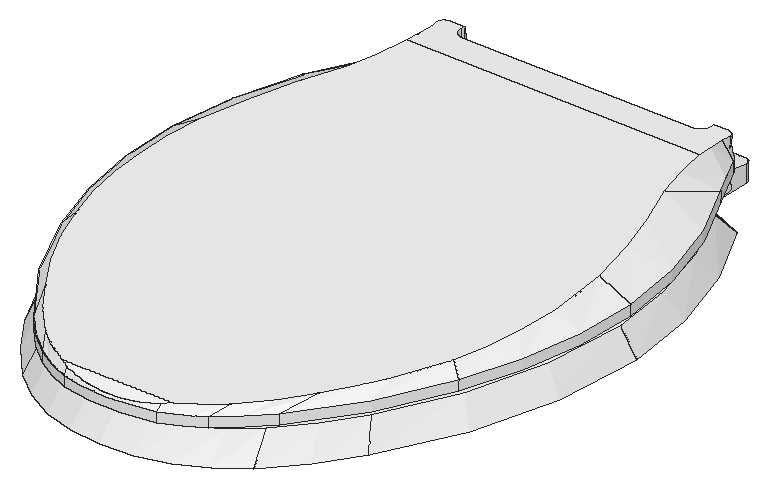
Revit family
Parameters (values of type "Plastic-0-White")
  Width [instance] = 1' - 2 3/16"
  URL = "http://www.us.kohler.com/us/"
  Product Page URL = "http://www.us.kohler.com/us/Cachet-Nightlight-Q3%22-elongated-toilet-seat/productDetail/Styles-of-Toilet-Seats/1012962.htm?skuId=1012911&brandId=1041664&pageName=globalSearch&isRedirectedTo=true&searchTerm=4888&_requestid=2179394"
  Product Documentation Link = "http://www.us.kohler.com/webassets/kpna/catalog/pdf/en/K-4888_spec.pdf"
  Model = "4888-0"
  Manufacturer = "Kohler"  # constant formula
  Length [instance] = 1' - 7 5/8"
  Height [instance] = 0' - 2.19124"
  Finish = Plastic-Kohler-0-White
  Description = "Cachet Nightlight Q3 elongated toilet seat"  # constant formula
  Assembly Code = "D2010900"
Reference planes (in)
  plane 1 "Center (Front/Back)": y = 0
  plane 2: z = 0
  plane 3 "Center (Left/Right)": x = 0
  plane 4: x = -7.09375
  plane 5: x = 7.09375
  plane 6: y = 9.8125
  plane 7: y = -9.8125
  plane 8: z = 2.19124
Dimensions and locks (in)
  equal spacing: plane 4, plane 3 "Center (Left/Right)", plane 5
  "Width": plane 4 to plane 5
  equal spacing: plane 6, plane 1 "Center (Front/Back)", plane 7
  "Length": plane 6 to plane 7
  "Height": plane 8 to plane 2
  aligned and locked: plane 2 to level
Nested families (in)
  nested 1: "4888_Base" at (0, 0, 0), type "4888_Base"
Definition of nested family "4888_Base"
  Parameters (values of type "4888_Base")
    Width = 1' - 2 3/16"
    URL = "http://www.us.kohler.com/us/"
    Product Page URL = ""
    Product Documentation Link = ""
    Manufacturer = "Kohler"  # constant formula
    Length = 1' - 7 5/8"
    Height = 0' - 2.19124"
    Finish = none
  Reference planes (in)
    plane 1 "Center (Front/Back)": y = 0
    plane 2: z = 0
    plane 3 "Center (Left/Right)": x = 0
    plane 4: x = -7.09375
    plane 5: x = 7.09375
    plane 6: y = 9.8125
    plane 7: y = -9.8125
    plane 8: z = 2.19124
  Forms (in)
    Blend 1, solid, material <- "Finish", detail levels medium+fine
      base sketch origin (0, 0, 0) x (1, 0, 0) y (0, 1, 0)
        loop
          line (5.06759, 7.09742) -> (-5.06759, 7.09742)
          arc (-5.06759, 7.09742) -> (-5.11596, 7.08389) -> (-5.15244, 7.04939) r 0.1046
          arc (-5.15244, 7.04939) -> (-6.51667, 4.14435) -> (-7.07651, 0.98415) r 12.20585
          arc (-7.07651, 0.98415) -> (-6.5859, -2.83204) -> (-5.05405, -6.36156) r 13.70769
          arc (-5.05405, -6.36156) -> (-4.33395, -7.42725) -> (-3.4836, -8.3922) r 10.04636
          arc (-3.4836, -8.3922) -> (-0.07432, -9.81192) -> (3.37681, -8.4972) r 4.9872
          arc (3.37681, -8.4972) -> (4.28792, -7.48631) -> (5.05405, -6.36156) r 10.04636
          arc (5.05405, -6.36156) -> (6.5859, -2.83204) -> (7.07651, 0.98415) r 13.70769
          arc (7.07651, 0.98415) -> (6.51667, 4.14435) -> (5.15244, 7.04939) r 12.20585
          arc (5.15244, 7.04939) -> (5.11596, 7.08389) -> (5.06759, 7.09742) r 0.1046
      top sketch origin (0, 0, 0) x (1, 0, 0) y (0, 1, 0)
        loop
          arc (-6.69056, 0.86765) -> (-6.22074, -2.68166) -> (-4.82135, -5.97712) r 13.30248
          arc (-4.82135, -5.97712) -> (-4.09888, -7.09482) -> (-3.21915, -8.09346) r 8.98003
          arc (-3.21915, -8.09346) -> (0.08997, -9.41901) -> (3.34567, -7.96719) r 4.57449
          arc (3.34567, -7.96719) -> (4.15247, -7.02329) -> (4.82135, -5.97712) r 8.98003
          arc (4.82135, -5.97712) -> (6.22074, -2.68166) -> (6.69056, 0.86765) r 13.30248
          arc (6.69056, 0.86765) -> (6.26232, 3.64555) -> (5.18266, 6.24062) r 11.67607
          arc (5.18266, 6.24062) -> (5.06789, 6.35984) -> (4.90987, 6.40898) r 0.33254
          arc (4.90987, 6.40898) -> (0.00012, 6.53182) -> (-4.90963, 6.40899) r 98.18798
          arc (-4.90963, 6.40899) -> (-5.06786, 6.35979) -> (-5.18278, 6.24041) r 0.33297
          arc (-5.18278, 6.24041) -> (-6.26236, 3.64543) -> (-6.69056, 0.86765) r 11.67607
      from 0.30505 to 1.11818
    Extrusion 2, solid, material <- "Finish", detail levels medium+fine
      sketch origin (0, 0, 0) x (0, 1, 0) y (0, 0, 1)
        loop
          line (7.09742, 0.30505) -> (8.23554, 0.5241) -> (8.15677, 1.1656)
          arc (8.15677, 1.1656) -> (7.79937, 1.48728) -> (7.33712, 1.35484) r 0.49611
          arc (7.33712, 1.35484) -> (7.012, 1.13565) -> (6.62849, 1.05404) r 1.02862
          arc (6.62849, 1.05404) -> (6.58339, 1.091) -> (6.53182, 1.11818) r 0.28975
          line (6.53182, 1.11818) -> (7.09742, 0.30505)
        loop
          circle (7.68751, 0.99974) r 0.2675
      from -4.04153 to -3.55075
    Extrusion 3, solid, material <- "Finish", detail levels medium+fine
      sketch origin (0, 0, 0) x (0, 1, 0) y (0, 0, 1)
        loop
          arc (7.13573, 1.19832) -> (6.89151, 1.09312) -> (6.62849, 1.05404) r 1.02862
          arc (6.62849, 1.05404) -> (6.58339, 1.091) -> (6.53182, 1.11818) r 0.28975
          line (6.53182, 1.11818) -> (7.09742, 0.30505) -> (7.13573, 1.19832)
      from -3.55075 to 3.55075
    Extrusion 4, solid, material <- "Finish", detail levels medium+fine
      sketch origin (0, 0, 0) x (0, 1, 0) y (0, 0, -1)
        loop
          line (7.09742, -0.30505) -> (6.53182, -1.11818)
          arc (6.53182, -1.11818) -> (6.58339, -1.091) -> (6.62849, -1.05404) r 0.28975
          arc (6.62849, -1.05404) -> (7.012, -1.13565) -> (7.33712, -1.35484) r 1.02862
          arc (7.33712, -1.35484) -> (7.79937, -1.48728) -> (8.15677, -1.1656) r 0.49611
          line (8.15677, -1.1656) -> (8.23554, -0.5241) -> (7.09742, -0.30505)
        loop
          circle (7.68751, -0.99974) r 0.2675
      from -4.04153 to -3.55075
    Blend 5, solid, material <- "Finish", detail levels medium+fine
      base sketch origin (0, 0, 0) x (1, 0, 0) y (0, 1, 0)
        loop
          arc (-5.01317, 6.66377) -> (-6.20663, 4.02206) -> (-6.73395, 1.17164) r 12.03742
          arc (-6.73395, 1.17164) -> (-6.56691, -1.47809) -> (-5.84759, -4.03378) r 12.58207
          arc (-5.84759, -4.03378) -> (-4.89702, -6.02967) -> (-3.62289, -7.83625) r 13.03716
          arc (-3.62289, -7.83625) -> (-3.06779, -8.43075) -> (-2.44137, -8.94956) r 6.36121
          arc (-2.44137, -8.94956) -> (-1.91664, -9.2735) -> (-1.34956, -9.5158) r 4.13442
          arc (-1.34956, -9.5158) -> (0, -9.69456) -> (1.34956, -9.5158) r 5.18352
          arc (1.34956, -9.5158) -> (1.91664, -9.2735) -> (2.44137, -8.94956) r 4.13442
          arc (2.44137, -8.94956) -> (3.06779, -8.43075) -> (3.62289, -7.83625) r 6.36121
          arc (3.62289, -7.83625) -> (4.89701, -6.02967) -> (5.84759, -4.03378) r 13.03716
          arc (5.84759, -4.03378) -> (6.56691, -1.47809) -> (6.73394, 1.17164) r 12.58207
          arc (6.73394, 1.17164) -> (6.20806, 4.01746) -> (5.01816, 6.65553) r 12.03742
          arc (5.01816, 6.65553) -> (4.65651, 7.28245) -> (4.35414, 7.94001) r 7.8508
          arc (4.35414, 7.94001) -> (4.25683, 8.06134) -> (4.10883, 8.10916) r 0.27094
          arc (4.10883, 8.10916) -> (4.07328, 8.0976) -> (4.03627, 8.09233) r 0.216
          line (4.03627, 8.09233) -> (3.67009, 8.09233)
          arc (3.67009, 8.09233) -> (3.60884, 8.06863) -> (3.5795, 8.00987) r 0.09099
          line (3.5795, 8.00987) -> (3.56907, 7.89065)
          arc (3.56907, 7.89065) -> (3.51457, 7.78013) -> (3.39972, 7.73547) r 0.17
          line (3.39972, 7.73547) -> (-3.39972, 7.73547)
          arc (-3.39972, 7.73547) -> (-3.51475, 7.78004) -> (-3.56935, 7.89065) r 0.17
          line (-3.56935, 7.89065) -> (-3.57968, 8.00868)
          arc (-3.57968, 8.00868) -> (-3.60868, 8.06823) -> (-3.67037, 8.09233) r 0.09099
          line (-3.67037, 8.09233) -> (-4.03655, 8.09233)
          arc (-4.03655, 8.09233) -> (-4.07369, 8.09759) -> (-4.10938, 8.10916) r 0.21745
          arc (-4.10938, 8.10916) -> (-4.25722, 8.06126) -> (-4.35442, 7.94001) r 0.27094
          arc (-4.35442, 7.94001) -> (-4.65455, 7.2868) -> (-5.01317, 6.66377) r 7.8508
      top sketch origin (0, 0, 0) x (1, 0, 0) y (0, 1, 0)
        loop
          arc (-5.60875, 1.10153) -> (-5.71919, -1.31841) -> (-5.29955, -3.70424) r 11.04751
          arc (-5.29955, -3.70424) -> (-4.9768, -4.65186) -> (-4.57148, -5.5672) r 11.30356
          arc (-4.57148, -5.5672) -> (-3.9709, -6.62815) -> (-3.25955, -7.61824) r 11.30356
          arc (-3.25955, -7.61824) -> (-2.47893, -8.39589) -> (-1.54703, -8.98381) r 5.00325
          arc (-1.54703, -8.98381) -> (0, -9.3287) -> (1.54702, -8.98381) r 3.64206
          arc (1.54702, -8.98381) -> (2.47893, -8.39589) -> (3.25955, -7.61824) r 5.00325
          arc (3.25955, -7.61824) -> (3.9709, -6.62815) -> (4.57148, -5.5672) r 11.30356
          arc (4.57148, -5.5672) -> (4.9768, -4.65186) -> (5.29955, -3.70424) r 11.30356
          arc (5.29955, -3.70424) -> (5.71919, -1.31841) -> (5.60875, 1.10153) r 11.04751
          arc (5.60875, 1.10153) -> (5.21541, 3.02189) -> (4.64521, 4.89736) r 21.05721
          arc (4.64521, 4.89736) -> (4.37543, 6.24078) -> (4.27851, 7.60759) r 10.76444
          arc (4.27851, 7.60759) -> (4.28742, 7.7435) -> (4.31591, 7.87668) r 0.9387
          arc (4.31591, 7.87668) -> (4.22331, 8.0221) -> (4.06182, 8.08244) r 0.27149
          line (4.06182, 8.08244) -> (3.67037, 8.08244) -> (3.67037, 7.94686)
          arc (3.67037, 7.94686) -> (3.59322, 7.74256) -> (3.40028, 7.64025) r 0.30909
          line (3.40028, 7.64025) -> (-3.40028, 7.64025)
          arc (-3.40028, 7.64025) -> (-3.59322, 7.74256) -> (-3.67037, 7.94686) r 0.30909
          line (-3.67037, 7.94686) -> (-3.67037, 8.08244) -> (-4.06182, 8.08244)
          arc (-4.06182, 8.08244) -> (-4.22331, 8.0221) -> (-4.31591, 7.87668) r 0.27149
          arc (-4.31591, 7.87668) -> (-4.28742, 7.74329) -> (-4.27851, 7.60719) r 0.94121
          arc (-4.27851, 7.60719) -> (-4.37543, 6.24078) -> (-4.64521, 4.89736) r 10.76444
          arc (-4.64521, 4.89736) -> (-5.21541, 3.02189) -> (-5.60875, 1.10153) r 21.05721
      from 1.54252 to 2.19124
    Extrusion 6, solid, material <- "Finish", detail levels medium+fine
      sketch origin (0, 0, 0) x (0, 1, 0) y (0, 0, 1)
        loop
          arc (8.13964, 1.20865) -> (7.77667, 1.49196) -> (7.33712, 1.35484) r 0.49611
          arc (7.33712, 1.35484) -> (7.24889, 1.27628) -> (7.15224, 1.20835) r 1.02862
          line (7.15224, 1.20835) -> (7.15224, 0) -> (8.30896, 0) -> (8.13964, 1.20865)
      from -3.5279 to 3.53951
    Extrusion 7, solid, material <- "Finish", detail levels medium+fine
      sketch origin (0, 0, 0) x (0, 1, 0) y (0, 0, 1)
        loop
          line (9.66626, 0) -> (9.67422, 0.15186)
          arc (9.67422, 0.15186) -> (9.71178, 0.23226) -> (9.77871, 0.29052) r 0.21417
          arc (9.77871, 0.29052) -> (9.81759, 0.35862) -> (9.77527, 0.42464) r 0.07571
          arc (9.77527, 0.42464) -> (9.07103, 0.57463) -> (8.35785, 0.6737) r 10.0294
          arc (8.35785, 0.6737) -> (8.28389, 0.64267) -> (8.24403, 0.57307) r 0.12495
          line (8.24403, 0.57307) -> (8.30896, 0) -> (9.66626, 0)
      from -3.5279 to -1.97148
    Extrusion 8, solid, material <- "Finish", detail levels medium+fine
      sketch origin (0, 0, 0) x (0, 1, 0) y (0, 0, -1)
        loop
          line (9.66626, 0) -> (8.30896, 0) -> (8.24403, -0.57307)
          arc (8.24403, -0.57307) -> (8.28389, -0.64267) -> (8.35785, -0.6737) r 0.12495
          arc (8.35785, -0.6737) -> (9.07103, -0.57463) -> (9.77527, -0.42464) r 10.0294
          arc (9.77527, -0.42464) -> (9.81759, -0.35862) -> (9.77871, -0.29052) r 0.07571
          arc (9.77871, -0.29052) -> (9.71178, -0.23226) -> (9.67422, -0.15186) r 0.21417
          line (9.67422, -0.15186) -> (9.66626, 0)
      from -3.5279 to -1.97148
    Extrusion 9, void
      sketch origin (0, 0, 0) x (1, 0, 0) y (0, 1, 0)
        loop
          line (-3.54852, 7.86574) -> (-1.95009, 7.86574) -> (-1.95732, 9.33427)
          arc (-1.95732, 9.33427) -> (-2.00962, 9.55215) -> (-2.15056, 9.72634) r 0.50802
          arc (-2.15056, 9.72634) -> (-2.28085, 9.80301) -> (-2.42803, 9.83748) r 0.50276
          line (-2.42803, 9.83748) -> (-3.07191, 9.83748)
          arc (-3.07191, 9.83748) -> (-3.2187, 9.80302) -> (-3.34866, 9.72656) r 0.50251
          arc (-3.34866, 9.72656) -> (-3.48945, 9.5523) -> (-3.54148, 9.3344) r 0.50748
          line (-3.54148, 9.3344) -> (-3.54852, 7.86574)
        loop
          line (-3.91014, 10.12088) -> (-3.91014, 7.63178) -> (-1.67053, 7.63178) -> (-1.67053, 10.12088) -> (-3.91014, 10.12088)
      from 0 to 12
    Extrusion 10, void
      sketch origin (0, 0, 0) x (-1, 0, 0) y (0, -1, 0)
        loop
          line (-3.55482, -8.09233) -> (-3.54214, -9.33016)
          arc (-3.54214, -9.33016) -> (-3.49243, -9.54103) -> (-3.35721, -9.7103) r 0.49359
          arc (-3.35721, -9.7103) -> (-3.234, -9.78236) -> (-3.09524, -9.81582) r 0.48963
          line (-3.09524, -9.81582) -> (-2.40492, -9.81582)
          arc (-2.40492, -9.81582) -> (-2.26618, -9.78236) -> (-2.14298, -9.7103) r 0.48963
          arc (-2.14298, -9.7103) -> (-2.00776, -9.54103) -> (-1.95806, -9.33017) r 0.49359
          line (-1.95806, -9.33017) -> (-1.94537, -8.09233) -> (-3.55482, -8.09233)
        loop
          line (-3.91014, -10.12088) -> (-1.67053, -10.12088) -> (-1.67053, -7.79127) -> (-3.91014, -7.79127) -> (-3.91014, -10.12088)
      from 0 to 12
    Extrusion 11, void
      sketch origin (0, 0, 0) x (0, 1, 0) y (0, 0, 1)
        loop
          line (-9.25328, 1.75193) -> (8.83698, 2.24828) -> (8.83698, 2.70791) -> (-9.88558, 2.70791) -> (-9.88558, 1.52179) -> (-9.25328, 1.75193)
      from -7.09375 to 7.09375
    Extrusion 12, solid, material <- "Finish", detail levels medium+fine
      sketch origin (0, 0, 0) x (1, 0, 0) y (0, 1, 0)
        loop
          arc (-4.35442, 7.94001) -> (-4.65455, 7.2868) -> (-5.01317, 6.66377) r 7.8508
          arc (-5.01317, 6.66377) -> (-6.20663, 4.02206) -> (-6.73395, 1.17164) r 12.03742
          arc (-6.73395, 1.17164) -> (-6.56691, -1.47809) -> (-5.84759, -4.03378) r 12.58207
          arc (-5.84759, -4.03378) -> (-4.89702, -6.02967) -> (-3.62289, -7.83625) r 13.03716
          arc (-3.62289, -7.83625) -> (-3.06779, -8.43075) -> (-2.44137, -8.94956) r 6.36121
          arc (-2.44137, -8.94956) -> (-1.91664, -9.2735) -> (-1.34956, -9.5158) r 4.13442
          arc (-1.34956, -9.5158) -> (0, -9.69456) -> (1.34956, -9.5158) r 5.18352
          arc (1.34956, -9.5158) -> (1.91664, -9.2735) -> (2.44137, -8.94956) r 4.13442
          arc (2.44137, -8.94956) -> (3.06779, -8.43075) -> (3.62289, -7.83625) r 6.36121
          arc (3.62289, -7.83625) -> (4.89701, -6.02967) -> (5.84759, -4.03378) r 13.03716
          arc (5.84759, -4.03378) -> (6.56691, -1.47809) -> (6.73394, 1.17164) r 12.58207
          arc (6.73394, 1.17164) -> (6.20806, 4.01746) -> (5.01816, 6.65553) r 12.03742
          arc (5.01816, 6.65553) -> (4.65651, 7.28245) -> (4.35414, 7.94001) r 7.8508
          arc (4.35414, 7.94001) -> (4.25694, 8.06126) -> (4.10911, 8.10916) r 0.27094
          line (4.10911, 8.10916) -> (-4.10938, 8.10916)
          arc (-4.10938, 8.10916) -> (-4.25722, 8.06126) -> (-4.35442, 7.94001) r 0.27094
      from 1.25207 to 1.54252
    Extrusion 13, solid, material <- "Finish", detail levels medium+fine
      sketch origin (0, 0, 0) x (0, 1, 0) y (0, 0, 1)
        loop
          arc (6.48567, 1.25207) -> (6.66777, 1.20384) -> (6.81027, 1.08062) r 0.41847
          line (6.81027, 1.08062) -> (7.05729, 0.66952)
          arc (7.05729, 0.66952) -> (7.28143, 0.45941) -> (7.58255, 0.39842) r 0.56244
          line (7.58255, 0.39842) -> (8.23554, 0.5241) -> (8.14616, 1.25207) -> (6.48567, 1.25207)
      from -4.04153 to 4.04153
    Extrusion 14, solid, material <- "Finish", detail levels coarse
      sketch origin (0, 0, 0) x (1, 0, 0) y (0, 1, 0)
        loop
          line (-7.09375, 9.8125) -> (-7.09375, -9.8125) -> (7.09375, -9.8125) -> (7.09375, 9.8125) -> (-7.09375, 9.8125)
      from 0 to 2.19124
  Cuts and joins
    Extrusion 9 cuts Extrusion 7
    Extrusion 10 cuts Extrusion 8
    joined: Blend 1, Extrusion 2, Extrusion 3, Extrusion 4, Extrusion 6, Extrusion 7, Extrusion 8, Extrusion 12, Extrusion 13
    Extrusion 11 cuts Blend 5
  Lines and regions (in)
    Masking region 1, detail levels coarse
      outline origin (0, 0, 0) x (1, 0, 0) y (0, 1, 0)
        loop
          line (-7.09375, 9.8125) -> (-7.09375, -9.8125) -> (7.09375, -9.8125) -> (7.09375, 9.8125) -> (-7.09375, 9.8125)
    Masking region 2, detail levels medium+fine
      outline origin (0, 0, 0) x (1, 0, 0) y (0, 1, 0)
        loop
          arc (-7.07651, 0.98415) -> (-6.5859, -2.83204) -> (-5.05405, -6.36156) r 13.70769
          arc (-5.05405, -6.36156) -> (-4.33395, -7.42725) -> (-3.4836, -8.3922) r 10.04636
          arc (-3.4836, -8.3922) -> (-0.07432, -9.81192) -> (3.37681, -8.4972) r 4.9872
          arc (3.37681, -8.4972) -> (4.28792, -7.48631) -> (5.05405, -6.36156) r 10.04636
          arc (5.05405, -6.36156) -> (6.5859, -2.83204) -> (7.07651, 0.98415) r 13.70769
          arc (7.07651, 0.98415) -> (6.51667, 4.14435) -> (5.15244, 7.04939) r 12.20585
          arc (5.15244, 7.04939) -> (5.11596, 7.08389) -> (5.06759, 7.09742) r 0.1046
          line (5.06759, 7.09742) -> (4.75532, 7.09742)
          arc (4.75532, 7.09742) -> (4.5422, 7.51275) -> (4.35414, 7.94001) r 7.8508
          arc (4.35414, 7.94001) -> (4.25683, 8.06134) -> (4.10883, 8.10916) r 0.27094
          line (4.10883, 8.10916) -> (4.04153, 8.10916) -> (4.04153, 8.23554) -> (3.5279, 8.23554) -> (3.5279, 9.4429)
          arc (3.5279, 9.4429) -> (3.46462, 9.59068) -> (3.35721, 9.7103) r 0.49359
          arc (3.35721, 9.7103) -> (3.234, 9.78236) -> (3.09524, 9.81582) r 0.48963
          line (3.09524, 9.81582) -> (2.40492, 9.81582)
          arc (2.40492, 9.81582) -> (2.26618, 9.78236) -> (2.14298, 9.7103) r 0.48963
          arc (2.14298, 9.7103) -> (2.03464, 9.58923) -> (1.97148, 9.43954) r 0.49359
          line (1.97148, 9.43954) -> (1.97148, 8.30896) -> (-1.97148, 8.30896) -> (-1.97148, 9.44684)
          arc (-1.97148, 9.44684) -> (-2.03755, 9.60163) -> (-2.15056, 9.72634) r 0.50802
          arc (-2.15056, 9.72634) -> (-2.22945, 9.77897) -> (-2.31681, 9.81585) r 0.50276
          line (-2.31681, 9.81585) -> (-3.18279, 9.81585)
          arc (-3.18279, 9.81585) -> (-3.26995, 9.77905) -> (-3.34866, 9.72656) r 0.50251
          arc (-3.34866, 9.72656) -> (-3.46207, 9.601) -> (-3.5279, 9.44515) r 0.50748
          line (-3.5279, 9.44515) -> (-3.5279, 8.23554) -> (-4.04153, 8.23554) -> (-4.04153, 8.10916) -> (-4.10938, 8.10916)
          arc (-4.10938, 8.10916) -> (-4.25722, 8.06126) -> (-4.35442, 7.94001) r 0.27094
          arc (-4.35442, 7.94001) -> (-4.54248, 7.51275) -> (-4.7556, 7.09742) r 7.8508
          line (-4.7556, 7.09742) -> (-5.06759, 7.09742)
          arc (-5.06759, 7.09742) -> (-5.11596, 7.08389) -> (-5.15244, 7.04939) r 0.1046
          arc (-5.15244, 7.04939) -> (-6.51667, 4.14435) -> (-7.07651, 0.98415) r 12.20585
    Masking region 3, detail levels coarse
      outline origin (0, 0, 0) x (1, 0, 0) y (0, 0, 1)
        loop
          line (-7.09375, 2.19124) -> (-7.09375, 0) -> (7.09375, 0) -> (7.09375, 2.19124) -> (-7.09375, 2.19124)
    Masking region 4, detail levels medium+fine
      outline origin (0, 0, 0) x (1, 0, 0) y (0, 0, 1)
        loop
          line (-3.5279, 0) -> (3.53951, 0) -> (3.53951, 0.30505) -> (7.07659, 0.30505) -> (6.69063, 1.11818) -> (4.04153, 1.11818) -> (4.04153, 1.25207) -> (6.74544, 1.25207) -> (6.74544, 1.54252) -> (5.99264, 2.01234)
          spline (5.99264, 2.01234) -> (5.98541, 2.0145) -> (5.9776, 2.01666) -> (5.96919, 2.01881) -> (5.9602, 2.02096) -> (5.95062, 2.02311) -> (5.94045, 2.02526) -> (5.92969, 2.02741) -> (5.91835, 2.02955) -> (5.90641, 2.03169) -> (5.8939, 2.03383) -> (5.8808, 2.03597) -> (5.86711, 2.0381)
          spline (5.86711, 2.0381) -> (5.80126, 2.04713) -> (5.72923, 2.05613) -> (5.65105, 2.06508) -> (5.56675, 2.07399) -> (5.47636, 2.08286) -> (5.37991, 2.09168) -> (5.27744, 2.10045) -> (5.16898, 2.10916) -> (5.05456, 2.11782) -> (4.93424, 2.12642) -> (4.80805, 2.13495) -> (4.67603, 2.14342)
          spline (4.67603, 2.14342) -> (4.63223, 2.14731) -> (4.59094, 2.15123) -> (4.55216, 2.15516) -> (4.51591, 2.15911) -> (4.4822, 2.16308) -> (4.45105, 2.16707) -> (4.42245, 2.17107) -> (4.39642, 2.17508) -> (4.37297, 2.1791) -> (4.35211, 2.18314) -> (4.33383, 2.18718) -> (4.31816, 2.19124)
          line (4.31816, 2.19124) -> (-4.31816, 2.19124)
          spline (-4.31816, 2.19124) -> (-4.33382, 2.18718) -> (-4.35208, 2.18314) -> (-4.37293, 2.17911) -> (-4.39635, 2.17508) -> (-4.42235, 2.17107) -> (-4.45092, 2.16708) -> (-4.48204, 2.16309) -> (-4.51571, 2.15912) -> (-4.55192, 2.15517) -> (-4.59066, 2.15124) -> (-4.63191, 2.14733) -> (-4.67566, 2.14343)
          spline (-4.67566, 2.14343) -> (-4.80771, 2.13497) -> (-4.93394, 2.12643) -> (-5.0543, 2.11784) -> (-5.16875, 2.10918) -> (-5.27724, 2.10046) -> (-5.37975, 2.09169) -> (-5.47622, 2.08287) -> (-5.56663, 2.074) -> (-5.65095, 2.06509) -> (-5.72915, 2.05614) -> (-5.80119, 2.04714) -> (-5.86706, 2.03811)
          spline (-5.86706, 2.03811) -> (-5.88117, 2.03591) -> (-5.89466, 2.03371) -> (-5.90753, 2.0315) -> (-5.91977, 2.02929) -> (-5.93139, 2.02708) -> (-5.94238, 2.02486) -> (-5.95275, 2.02265) -> (-5.96249, 2.02043) -> (-5.97161, 2.01821) -> (-5.9801, 2.01598) -> (-5.98796, 2.01376) -> (-5.99519, 2.01153)
          line (-5.99519, 2.01153) -> (-6.74544, 1.54273) -> (-6.74544, 1.25207) -> (-4.04153, 1.25207) -> (-4.04153, 1.11818) -> (-6.69056, 1.11818) -> (-7.07651, 0.30505) -> (-3.5279, 0.30505) -> (-3.5279, 0)
    Masking region 5, detail levels coarse
      outline origin (0, 0, 0) x (0, 1, 0) y (0, 0, 1)
        loop
          line (9.8125, 2.19124) -> (-9.8125, 2.19124) -> (-9.8125, 0) -> (9.8125, 0) -> (9.8125, 2.19124)
    Masking region 6, detail levels medium+fine
      outline origin (0, 0, 0) x (0, 1, 0) y (0, 0, 1)
        loop
          line (9.66626, 0) -> (9.67422, 0.15186)
          arc (9.67422, 0.15186) -> (9.71178, 0.23226) -> (9.77871, 0.29052) r 0.21417
          arc (9.77871, 0.29052) -> (9.81759, 0.35862) -> (9.77527, 0.42464) r 0.07571
          arc (9.77527, 0.42464) -> (9.07103, 0.57463) -> (8.35785, 0.6737) r 10.0294
          arc (8.35785, 0.6737) -> (8.28389, 0.64267) -> (8.24403, 0.57307) r 0.12495
          line (8.24403, 0.57307) -> (8.23512, 0.52754) -> (8.14616, 1.25207) -> (8.10916, 1.25207) -> (8.10916, 1.54252) -> (8.09158, 1.59156) -> (8.08244, 2.19124) -> (6.75788, 2.19124) -> (-9.25328, 1.75193) -> (-9.64931, 1.60778) -> (-9.69456, 1.54252) -> (-9.69456, 1.25207) -> (6.48567, 1.25207) -> (6.48567, 1.11818) -> (-9.42194, 1.11818) -> (-9.8125, 0.30505) -> (7.15224, 0.30505) -> (7.15224, 0) -> (9.66626, 0)
    symbolic lines, style "Masking Lines", detail levels fine
      curve 1: arc (-6.73395, 1.17164, 0) -> (-6.20663, 4.02206, 0) -> (-5.01317, 6.66377, 0) r 12.03742
      curve 2: arc (-5.01317, 6.66377, 0) -> (-4.65455, 7.2868, 0) -> (-4.35442, 7.94001, 0) r 7.8508
      curve 3: arc (-5.84759, -4.03378, 0) -> (-6.56691, -1.47809, 0) -> (-6.73395, 1.17164, 0) r 12.58207
      curve 4: arc (-3.62289, -7.83625, 0) -> (-4.89702, -6.02967, 0) -> (-5.84759, -4.03378, 0) r 13.03716
      curve 5: arc (-2.44137, -8.94956, 0) -> (-3.06779, -8.43075, 0) -> (-3.62289, -7.83625, 0) r 6.36121
      curve 6: arc (-1.34956, -9.5158, 0) -> (-1.91664, -9.2735, 0) -> (-2.44137, -8.94956, 0) r 4.13442
      curve 7: arc (1.34956, -9.5158, 0) -> (0, -9.69456, 0) -> (-1.34956, -9.5158, 0) r 5.18352
      curve 8: arc (2.44137, -8.94956, 0) -> (1.91664, -9.2735, 0) -> (1.34956, -9.5158, 0) r 4.13442
      curve 9: arc (3.62289, -7.83625, 0) -> (3.06779, -8.43075, 0) -> (2.44137, -8.94956, 0) r 6.36121
      curve 10: arc (5.84759, -4.03378, 0) -> (4.89701, -6.02967, 0) -> (3.62289, -7.83625, 0) r 13.03716
      curve 11: arc (6.73394, 1.17164, 0) -> (6.56691, -1.47809, 0) -> (5.84759, -4.03378, 0) r 12.58207
      curve 12: arc (5.01816, 6.65553, 0) -> (6.20806, 4.01746, 0) -> (6.73394, 1.17164, 0) r 12.03742
      curve 13: arc (4.35414, 7.94001, 0) -> (4.65651, 7.28245, 0) -> (5.01816, 6.65553, 0) r 7.8508
      curve 14: arc (4.31816, 6.75788, 0) -> (4.28994, 7.18235, 0) -> (4.27851, 7.60759, 0) r 10.76444
      curve 15: arc (4.27851, 7.60759, 0) -> (4.28742, 7.7435, 0) -> (4.31591, 7.87668, 0) r 0.9387
      curve 16: arc (4.31591, 7.87668, 0) -> (4.22331, 8.0221, 0) -> (4.06182, 8.08244, 0) r 0.27149
      curve 17: line (4.06182, 8.08244, 0) -> (3.71136, 8.08244, 0)
      curve 18: arc (3.67037, 7.94686, 0) -> (3.59322, 7.74256, 0) -> (3.40028, 7.64025, 0) r 0.30909
      curve 19: line (3.40028, 7.64025, 0) -> (-3.40028, 7.64025, 0)
      curve 20: spline (4.31816, 6.75788, 0) -> (4.33383, 6.61018, 0) -> (4.35211, 6.46277, 0) -> (4.37297, 6.31571, 0) -> (4.39642, 6.16903, 0) -> (4.42245, 6.02279, 0) -> (4.45105, 5.87704, 0) -> (4.4822, 5.7318, 0) -> (4.51591, 5.58714, 0) -> (4.55216, 5.44309, 0) -> (4.59094, 5.29971, 0) -> (4.63223, 5.15702, 0) -> (4.67603, 5.01509, 0)
      curve 21: spline (4.67603, 5.01509, 0) -> (4.80805, 4.70652, 0) -> (4.93424, 4.39553, 0) -> (5.05456, 4.08223, 0) -> (5.16898, 3.76672, 0) -> (5.27744, 3.44911, 0) -> (5.37991, 3.12953, 0) -> (5.47636, 2.80808, 0) -> (5.56675, 2.48487, 0) -> (5.65105, 2.16002, 0) -> (5.72923, 1.83365, 0) -> (5.80126, 1.50586, 0) -> (5.86711, 1.17678, 0)
      curve 22: spline (5.86711, 1.17678, 0) -> (5.93528, 0.74686, 0) -> (5.98561, 0.31448, 0) -> (6.018, -0.1196, 0) -> (6.03241, -0.55465, 0) -> (6.0288, -0.98993, 0) -> (6.00718, -1.42469, 0) -> (5.9676, -1.85817, 0) -> (5.91011, -2.28966, 0) -> (5.83482, -2.71839, 0) -> (5.74185, -3.14365, 0) -> (5.63137, -3.56469, 0) -> (5.50356, -3.98081, 0)
      curve 23: spline (5.50356, -3.98081, 0) -> (5.41423, -4.23736, 0) -> (5.31853, -4.49161, 0) -> (5.21652, -4.74338, 0) -> (5.10825, -4.99254, 0) -> (4.99381, -5.23892, 0) -> (4.87324, -5.48237, 0) -> (4.74665, -5.72273, 0) -> (4.61409, -5.95987, 0) -> (4.47566, -6.19362, 0) -> (4.33144, -6.42385, 0) -> (4.18151, -6.65042, 0) -> (4.02599, -6.87317, 0)
      curve 24: spline (4.02599, -6.87317, 0) -> (3.93441, -7.0189, 0) -> (3.83973, -7.16263, 0) -> (3.74199, -7.3043, 0) -> (3.64123, -7.44384, 0) -> (3.5375, -7.58118, 0) -> (3.43085, -7.71627, 0) -> (3.32132, -7.84904, 0) -> (3.20897, -7.97944, 0) -> (3.09385, -8.10739, 0) -> (2.976, -8.23285, 0) -> (2.8555, -8.35575, 0) -> (2.73238, -8.47603, 0)
      curve 25: spline (2.73238, -8.47603, 0) -> (2.65002, -8.55417, 0) -> (2.56558, -8.63004, 0) -> (2.47911, -8.70361, 0) -> (2.39068, -8.7748, 0) -> (2.30035, -8.84358, 0) -> (2.2082, -8.90989, 0) -> (2.11428, -8.97367, 0) -> (2.01867, -9.0349, 0) -> (1.92144, -9.09351, 0) -> (1.82266, -9.14947, 0) -> (1.72239, -9.20274, 0) -> (1.62072, -9.25328, 0)
      curve 26: spline (1.3927, -9.38601, 0) -> (1.17093, -9.46947, 0) -> (0.94356, -9.5383, 0) -> (0.71165, -9.59219, 0) -> (0.47634, -9.63087, 0) -> (0.23874, -9.65415, 0) -> (-0.00001, -9.66192, 0) -> (-0.23875, -9.65414, 0) -> (-0.47636, -9.63086, 0) -> (-0.71167, -9.59219, 0) -> (-0.94357, -9.5383, 0) -> (-1.17095, -9.46946, 0) -> (-1.39272, -9.386, 0)
      curve 27: spline (1.62072, -9.25328, 0) -> (1.6022, -9.26505, 0) -> (1.58359, -9.2767, 0) -> (1.56489, -9.28821, 0) -> (1.5461, -9.2996, 0) -> (1.52722, -9.31086, 0) -> (1.50826, -9.32199, 0) -> (1.48921, -9.33299, 0) -> (1.47007, -9.34386, 0) -> (1.45085, -9.35459, 0) -> (1.43155, -9.3652, 0) -> (1.41216, -9.37567, 0) -> (1.3927, -9.38601, 0)
      curve 28: spline (-1.39272, -9.386, 0) -> (-1.41218, -9.37566, 0) -> (-1.43156, -9.36519, 0) -> (-1.45087, -9.35459, 0) -> (-1.47008, -9.34385, 0) -> (-1.48922, -9.33298, 0) -> (-1.50827, -9.32199, 0) -> (-1.52723, -9.31086, 0) -> (-1.54611, -9.2996, 0) -> (-1.5649, -9.28821, 0) -> (-1.5836, -9.2767, 0) -> (-1.60221, -9.26505, 0) -> (-1.62072, -9.25328, 0)
      curve 29: spline (-1.62072, -9.25328, 0) -> (-1.72239, -9.20274, 0) -> (-1.82266, -9.14947, 0) -> (-1.92144, -9.09351, 0) -> (-2.01867, -9.0349, 0) -> (-2.11428, -8.97367, 0) -> (-2.2082, -8.90989, 0) -> (-2.30035, -8.84358, 0) -> (-2.39068, -8.7748, 0) -> (-2.47911, -8.70361, 0) -> (-2.56558, -8.63004, 0) -> (-2.65002, -8.55417, 0) -> (-2.73238, -8.47603, 0)
      curve 30: spline (-2.73238, -8.47603, 0) -> (-2.8555, -8.35575, 0) -> (-2.97601, -8.23285, 0) -> (-3.09385, -8.10739, 0) -> (-3.20897, -7.97944, 0) -> (-3.32132, -7.84904, 0) -> (-3.43085, -7.71627, 0) -> (-3.5375, -7.58118, 0) -> (-3.64123, -7.44384, 0) -> (-3.74199, -7.3043, 0) -> (-3.83973, -7.16263, 0) -> (-3.93441, -7.0189, 0) -> (-4.02599, -6.87317, 0)
      curve 31: spline (-4.02599, -6.87317, 0) -> (-4.18152, -6.65042, 0) -> (-4.33144, -6.42385, 0) -> (-4.47566, -6.19362, 0) -> (-4.61409, -5.95987, 0) -> (-4.74665, -5.72273, 0) -> (-4.87325, -5.48237, 0) -> (-4.99381, -5.23892, 0) -> (-5.10826, -4.99254, 0) -> (-5.21652, -4.74338, 0) -> (-5.31853, -4.49161, 0) -> (-5.41423, -4.23736, 0) -> (-5.50356, -3.98081, 0)
      curve 32: spline (-5.50356, -3.98081, 0) -> (-5.63138, -3.56467, 0) -> (-5.74186, -3.1436, 0) -> (-5.83483, -2.71832, 0) -> (-5.91013, -2.28956, 0) -> (-5.96761, -1.85806, 0) -> (-6.0072, -1.42454, 0) -> (-6.02881, -0.98976, 0) -> (-6.03241, -0.55446, 0) -> (-6.01799, -0.11939, 0) -> (-5.98559, 0.31472, 0) -> (-5.93525, 0.74712, 0) -> (-5.86706, 1.17706, 0)
      curve 33: spline (-5.86706, 1.17706, 0) -> (-5.80119, 1.50617, 0) -> (-5.72915, 1.83398, 0) -> (-5.65095, 2.16039, 0) -> (-5.56663, 2.48526, 0) -> (-5.47622, 2.80849, 0) -> (-5.37975, 3.12997, 0) -> (-5.27724, 3.44958, 0) -> (-5.16875, 3.7672, 0) -> (-5.0543, 4.08273, 0) -> (-4.93394, 4.39605, 0) -> (-4.80771, 4.70706, 0) -> (-4.67566, 5.01564, 0)
      curve 34: spline (-4.67566, 5.01564, 0) -> (-4.63191, 5.15754, 0) -> (-4.59066, 5.30018, 0) -> (-4.55192, 5.44353, 0) -> (-4.51571, 5.58753, 0) -> (-4.48204, 5.73215, 0) -> (-4.45092, 5.87733, 0) -> (-4.42235, 6.02304, 0) -> (-4.39635, 6.16923, 0) -> (-4.37293, 6.31586, 0) -> (-4.35208, 6.46287, 0) -> (-4.33382, 6.61023, 0) -> (-4.31816, 6.75788, 0)
      curve 35: arc (-4.27851, 7.60759, 0) -> (-4.28994, 7.18235, 0) -> (-4.31816, 6.75788, 0) r 10.76444
      curve 36: arc (-4.31591, 7.87668, 0) -> (-4.28742, 7.74329, 0) -> (-4.27851, 7.60719, 0) r 0.94121
      curve 37: arc (-4.06182, 8.08244, 0) -> (-4.22331, 8.0221, 0) -> (-4.31591, 7.87668, 0) r 0.27149
      curve 38: line (-3.67037, 8.08244, 0) -> (-4.06182, 8.08244, 0)
      curve 39: arc (-3.40028, 7.64025, 0) -> (-3.59322, 7.74256, 0) -> (-3.67037, 7.94686, 0) r 0.30909
      curve 40: line (-3.67037, 7.94686, 0) -> (-3.67037, 8.08244, 0)
      curve 41: line (-4.03655, 8.09233, 0) -> (-3.67037, 8.09233, 0)
      curve 42: arc (-3.67037, 8.09233, 0) -> (-3.60868, 8.06823, 0) -> (-3.57968, 8.00868, 0) r 0.09099
      curve 43: line (-3.57968, 8.00868, 0) -> (-3.56935, 7.89065, 0)
      curve 44: arc (-3.56935, 7.89065, 0) -> (-3.51475, 7.78004, 0) -> (-3.39972, 7.73547, 0) r 0.17
      curve 45: line (-3.39972, 7.73547, 0) -> (3.39972, 7.73547, 0)
      curve 46: arc (3.39972, 7.73547, 0) -> (3.51457, 7.78013, 0) -> (3.56907, 7.89065, 0) r 0.17
      curve 47: line (3.56907, 7.89065, 0) -> (3.5795, 8.00987, 0)
      curve 48: arc (3.5795, 8.00987, 0) -> (3.62622, 8.08106, 0) -> (3.71136, 8.08244, 0) r 0.09099
      curve 49: line (3.53951, 7.80872, 0) -> (3.53951, 8.11733, 0)
      curve 50: line (3.53951, 8.11733, 0) -> (-3.5279, 8.11733, 0)
      curve 51: line (-3.5279, 8.23554, 0) -> (3.53951, 8.23554, 0)
      curve 52: line (-4.04153, 8.14616, 0) -> (4.04153, 8.14616, 0)
      curve 53: line (-6.74544, 0, 1.54252) -> (6.74544, 0, 1.54252)
      curve 54: line (-6.74544, 0, 1.25207) -> (6.74544, 0, 1.25207)
      curve 55: spline (-5.12162, 0, 1.86956) -> (-5.32106, 0, 1.88269) -> (-5.49666, 0, 1.89608) -> (-5.648, 0, 1.90969) -> (-5.7747, 0, 1.92349) -> (-5.87647, 0, 1.93744) -> (-5.95304, 0, 1.95151) -> (-6.00424, 0, 1.96567) -> (-6.02995, 0, 1.97988) -> (-6.03009, 0, 1.99411) -> (-6.00467, 0, 2.00832) -> (-5.95375, 0, 2.02248) -> (-5.87745, 0, 2.03655)
      curve 56: spline (-4.01306, 0, 1.81664) -> (-4.12027, 0, 1.8208) -> (-4.22488, 0, 1.82501) -> (-4.32686, 0, 1.82927) -> (-4.42618, 0, 1.83357) -> (-4.52281, 0, 1.83792) -> (-4.61672, 0, 1.84232) -> (-4.70788, 0, 1.84676) -> (-4.79628, 0, 1.85124) -> (-4.88187, 0, 1.85576) -> (-4.96464, 0, 1.86032) -> (-5.04456, 0, 1.86492) -> (-5.12162, 0, 1.86956)
      curve 57: spline (-2.67199, 0, 1.77167) -> (-2.79983, 0, 1.77502) -> (-2.92494, 0, 1.77846) -> (-3.04725, 0, 1.78197) -> (-3.16672, 0, 1.78555) -> (-3.28327, 0, 1.78921) -> (-3.39686, 0, 1.79293) -> (-3.50742, 0, 1.79673) -> (-3.6149, 0, 1.80058) -> (-3.71926, 0, 1.80451) -> (-3.82044, 0, 1.80849) -> (-3.91838, 0, 1.81254) -> (-4.01306, 0, 1.81664)
      curve 58: spline (-1.61982, 0, 1.75191) -> (-1.71538, 0, 1.75321) -> (-1.8097, 0, 1.75458) -> (-1.90273, 0, 1.75601) -> (-1.9944, 0, 1.7575) -> (-2.08465, 0, 1.75906) -> (-2.17343, 0, 1.76069) -> (-2.26068, 0, 1.76237) -> (-2.34634, 0, 1.76411) -> (-2.43035, 0, 1.76591) -> (-2.51267, 0, 1.76778) -> (-2.59323, 0, 1.76969) -> (-2.67199, 0, 1.77167)
      curve 59: line (1.62072, 0, 1.75191) -> (-1.61982, 0, 1.75191)
      curve 60: spline (2.67198, 0, 1.77165) -> (2.59328, 0, 1.76968) -> (2.51279, 0, 1.76777) -> (2.43054, 0, 1.76591) -> (2.3466, 0, 1.76411) -> (2.26101, 0, 1.76236) -> (2.17384, 0, 1.76068) -> (2.08514, 0, 1.75906) -> (1.99497, 0, 1.7575) -> (1.90338, 0, 1.75601) -> (1.81044, 0, 1.75458) -> (1.7162, 0, 1.75321) -> (1.62072, 0, 1.75191)
      curve 61: spline (4.0278, 0, 1.81728) -> (3.93238, 0, 1.81312) -> (3.83359, 0, 1.80901) -> (3.73149, 0, 1.80496) -> (3.62611, 0, 1.80098) -> (3.51751, 0, 1.79707) -> (3.40575, 0, 1.79322) -> (3.29088, 0, 1.78944) -> (3.17296, 0, 1.78573) -> (3.05205, 0, 1.7821) -> (2.92821, 0, 1.77854) -> (2.8015, 0, 1.77506) -> (2.67198, 0, 1.77165)
      curve 62: spline (5.12161, 0, 1.86963) -> (5.04545, 0, 1.86505) -> (4.96648, 0, 1.8605) -> (4.88473, 0, 1.85599) -> (4.80021, 0, 1.85152) -> (4.71297, 0, 1.84709) -> (4.62301, 0, 1.8427) -> (4.53036, 0, 1.83835) -> (4.43506, 0, 1.83404) -> (4.33712, 0, 1.82978) -> (4.23658, 0, 1.82557) -> (4.13346, 0, 1.8214) -> (4.0278, 0, 1.81728)
      curve 63: spline (5.87745, 0, 2.03661) -> (5.95374, 0, 2.02253) -> (6.00466, 0, 2.00838) -> (6.03008, 0, 1.99417) -> (6.02994, 0, 1.97994) -> (6.00424, 0, 1.96573) -> (5.95304, 0, 1.95157) -> (5.87646, 0, 1.9375) -> (5.7747, 0, 1.92355) -> (5.64799, 0, 1.90976) -> (5.49666, 0, 1.89615) -> (5.32105, 0, 1.88276) -> (5.12161, 0, 1.86963)
      curve 64: line (6.69063, 0, 1.11818) -> (-6.69063, 0, 1.11818)
      curve 65: line (-7.07766, 0, 0.30505) -> (7.07766, 0, 0.30505)
      curve 66: line (0, 8.30896, 0) -> (0, 8.23554, 0.5241)
      curve 67: line (0, 7.58255, 0.39842) -> (0, 8.23554, 0.5241)
      curve 68: arc (0, 7.05729, 0.66952) -> (0, 7.28143, 0.45941) -> (0, 7.58255, 0.39842) r 0.56244
      curve 69: line (0, 6.81027, 1.08062) -> (0, 7.05729, 0.66952)
      curve 70: arc (0, 6.48567, 1.25207) -> (0, 6.66777, 1.20384) -> (0, 6.81027, 1.08062) r 0.41847
      curve 71: line (0, -9.69456, 1.25207) -> (0, 8.10916, 1.25207)
      curve 72: line (0, -9.69456, 1.54252) -> (0, 8.10916, 1.54252)
  Dimensions and locks (in)
    equal spacing: plane 4, plane 3 "Center (Left/Right)", plane 5
    "Width": plane 4 to plane 5
    equal spacing: plane 6, plane 1 "Center (Front/Back)", plane 7
    "Length": plane 6 to plane 7
    "Height": plane 8 to plane 2
    aligned and locked: plane 2 to level
  Automatic sketch dimensions
    plane 4 to Blend 1 sketch curve = 0' - 0.01724"
    plane 4 to Blend 1 sketch curve = 0' - 0.46372"
    plane 4 to Blend 1 sketch curve = 0' - 1.94131"
    Blend 1 sketch curve to Blend 1 sketch curve = 0' - 0"  (x6)
    Blend 1 sketch curve to plane 1 "Center (Front/Back)" = 0' - 0.45356"  (x2)
    Blend 1 sketch curve to Blend 1 sketch curve = 0' - 1.51223"
    Blend 1 sketch curve to Blend 1 sketch curve = 0' - 0.08485"  (x2)
    Blend 1 sketch curve to Blend 1 sketch curve = 0' - 0.08801"
    plane 4 to Blend 1 sketch curve = 0' - 2.0397"
    plane 1 "Center (Front/Back)" to Blend 1 sketch curve = 0' - 1.28119"  (x2)
    Blend 1 sketch curve to Blend 1 sketch curve = 0' - 1.50472"
    plane 7 to Blend 1 sketch curve = 0' - 1.4203"
    Blend 1 sketch curve to Blend 1 sketch curve = 0' - 1.57045"
    plane 3 "Center (Left/Right)" to Blend 1 sketch curve = 0' - 0.002"  (x2)
    plane 7 to Blend 1 sketch curve = 0' - 1.3153"
    plane 3 "Center (Left/Right)" to Blend 1 sketch curve = 0' - 3.37681"
    plane 5 to Blend 1 sketch curve = 0' - 3.48067"
    plane 5 to Blend 1 sketch curve = 0' - 2.0397"
    plane 5 to Blend 1 sketch curve = 0' - 2.02932"
    Blend 1 sketch curve to Blend 1 sketch curve = 0' - 0.00316"
    plane 5 to Blend 1 sketch curve = 0' - 1.97595"
    plane 5 to Blend 1 sketch curve = 0' - 0.46372"
    plane 5 to Blend 1 sketch curve = 0' - 0.01724"
    Blend 1 sketch curve to plane 1 "Center (Front/Back)" = 0' - 0.80664"
    Blend 1 sketch curve to plane 3 "Center (Left/Right)" = 0' - 0"
    plane 1 "Center (Front/Back)" to Blend 1 sketch curve = 0' - 1.6745"  (x2)
    Blend 1 sketch curve to plane 3 "Center (Left/Right)" = 0' - 3.06081"
    Blend 1 sketch curve to plane 3 "Center (Left/Right)" = 0' - 3.21915"
    plane 4 to Blend 1 sketch curve = 0' - 2.2724"
    plane 4 to Blend 1 sketch curve = 0' - 2.20077"
    Blend 1 sketch curve to Blend 1 sketch curve = 0' - 0.01665"
    Blend 1 sketch curve to plane 1 "Center (Front/Back)" = 0' - 0.4906"  (x2)
    plane 4 to Blend 1 sketch curve = 0' - 2.11433"
    Blend 1 sketch curve to Blend 1 sketch curve = 0' - 0.27315"
    plane 4 to Blend 1 sketch curve = 0' - 0.4819"
    Blend 1 sketch curve to Blend 1 sketch curve = 0' - 0.07871"  (x2)
    plane 3 "Center (Left/Right)" to Blend 1 sketch curve = 0' - 3.06081"
    plane 7 to Blend 1 sketch curve = 0' - 1.84531"
    plane 3 "Center (Left/Right)" to Blend 1 sketch curve = 0' - 3.34567"
    plane 5 to Blend 1 sketch curve = 0' - 2.2724"
    plane 5 to Blend 1 sketch curve = 0' - 2.20051"
    Blend 1 sketch curve to Blend 1 sketch curve = 0' - 0.01663"
    plane 5 to Blend 1 sketch curve = 0' - 2.11433"
    plane 5 to Blend 1 sketch curve = 0' - 0.4819"
    Blend 1 sketch curve to Blend 1 sketch curve = 0' - 6.41896"
    Blend 1 sketch curve to Blend 1 sketch curve = 6' - 11.5627"
    Extrusion 2 sketch curve to plane 6 = 0' - 3.3893"
    Extrusion 2 sketch curve to Extrusion 2 sketch curve = 0' - 0.10862"
    Extrusion 2 sketch curve to Extrusion 2 sketch curve = 0' - 0.07827"
    Extrusion 2 sketch curve to Extrusion 2 sketch curve = 0' - 0.09667"
    level to Extrusion 2 sketch curve = 0' - 0.30505"
    Extrusion 2 sketch curve to Extrusion 2 sketch curve = 0' - 0.67422"
    Extrusion 2 sketch curve to Extrusion 2 sketch curve = 0' - 0.70863"
    Extrusion 2 sketch curve to Extrusion 2 sketch curve = 0' - 0"
    Extrusion 2 sketch curve to Extrusion 2 sketch curve = 0' - 0.35039"
    Extrusion 2 sketch curve to Extrusion 2 sketch curve = 0' - 0.00026"
    level to Extrusion 2 sketch curve = 0' - 0.5241"
    Extrusion 2 sketch curve to Extrusion 2 sketch curve = 0' - 0.07877"
    Extrusion 2 sketch curve to Extrusion 2 sketch curve = 0' - 0.00414"
    Extrusion 3 sketch curve to plane 6 = 0' - 3.3893"
    Extrusion 3 sketch curve to Extrusion 3 sketch curve = 0' - 0.10862"
    Extrusion 3 sketch curve to Extrusion 3 sketch curve = 0' - 0.07827"
    Extrusion 3 sketch curve to Extrusion 3 sketch curve = 0' - 0.09667"
    level to Extrusion 3 sketch curve = 0' - 0.30505"
    Extrusion 3 sketch curve to Extrusion 3 sketch curve = 0' - 0.67422"
    Extrusion 3 sketch curve to Extrusion 3 sketch curve = 0' - 0.50725"
    Extrusion 4 sketch curve to plane 6 = 0' - 3.3893"
    Extrusion 4 sketch curve to Extrusion 4 sketch curve = 0' - 0.10862"
    Extrusion 4 sketch curve to Extrusion 4 sketch curve = 0' - 0.07827"
    Extrusion 4 sketch curve to Extrusion 4 sketch curve = 0' - 0.09667"
    level to Extrusion 4 sketch curve = 0' - 0.30505"
    Extrusion 4 sketch curve to Extrusion 4 sketch curve = 0' - 0.67422"
    Extrusion 4 sketch curve to Extrusion 4 sketch curve = 0' - 0.70863"
    Extrusion 4 sketch curve to Extrusion 4 sketch curve = 0' - 0"
    Extrusion 4 sketch curve to Extrusion 4 sketch curve = 0' - 0.35039"
    Extrusion 4 sketch curve to Extrusion 4 sketch curve = 0' - 0.00026"
    level to Extrusion 4 sketch curve = 0' - 0.5241"
    Extrusion 4 sketch curve to Extrusion 4 sketch curve = 0' - 0.07877"
    Extrusion 4 sketch curve to Extrusion 4 sketch curve = 0' - 0.00414"
    plane 6 to Blend 5 sketch curve = 0' - 1.07519"  (x2)
    Blend 5 sketch curve to plane 4 = 0' - 4.53709"
    plane 4 to Blend 5 sketch curve = 0' - 0.3598"
    Blend 5 sketch curve to Blend 5 sketch curve = 0' - 0.37824"
    plane 4 to Blend 5 sketch curve = 0' - 1.24616"
    Blend 5 sketch curve to Blend 5 sketch curve = 0' - 0.51908"  (x2)
    Blend 5 sketch curve to plane 1 "Center (Front/Back)" = 0' - 0.42305"  (x2)
    Blend 5 sketch curve to Blend 5 sketch curve = 0' - 0.55646"  (x2)
    plane 4 to Blend 5 sketch curve = 0' - 2.08058"
    Blend 5 sketch curve to Blend 5 sketch curve = 0' - 0.65875"
    Blend 5 sketch curve to Blend 5 sketch curve = 0' - 0"  (x20)
    Blend 5 sketch curve to Blend 5 sketch curve = 0' - 0.24504"
    Blend 5 sketch curve to Blend 5 sketch curve = 0' - 0.00609"
    Blend 5 sketch curve to Blend 5 sketch curve = 0' - 0.07284"
    Blend 5 sketch curve to Blend 5 sketch curve = 0' - 0.01179"  (x2)
    Blend 5 sketch curve to Blend 5 sketch curve = 0' - 0.36617"
    plane 7 to Blend 5 sketch curve = 0' - 1.97625"
    plane 4 to Blend 5 sketch curve = 0' - 3.47086"
    Blend 5 sketch curve to Blend 5 sketch curve = 0' - 0.09069"
    Blend 5 sketch curve to Blend 5 sketch curve = 0' - 0.01033"
    Blend 5 sketch curve to Blend 5 sketch curve = 0' - 0.16935"  (x2)
    Blend 5 sketch curve to Blend 5 sketch curve = 0' - 0.00028"
    plane 7 to Blend 5 sketch curve = 0' - 0.86294"
    Blend 5 sketch curve to Blend 5 sketch curve = 0' - 1.18152"  (x2)
    plane 7 to Blend 5 sketch curve = 0' - 0.2967"  (x2)
    Blend 5 sketch curve to Blend 5 sketch curve = 0' - 1.09181"  (x2)
    Blend 5 sketch curve to plane 3 "Center (Left/Right)" = 0' - 1.29463"
    Blend 5 sketch curve to plane 3 "Center (Left/Right)" = 0' - 0.01319"
    Blend 5 sketch curve to plane 3 "Center (Left/Right)" = 0' - 0"  (x2)
    plane 3 "Center (Left/Right)" to Blend 5 sketch curve = 0' - 0.01319"
    plane 3 "Center (Left/Right)" to Blend 5 sketch curve = 0' - 3.39972"
    Blend 5 sketch curve to Blend 5 sketch curve = 0' - 0.01043"
    Blend 5 sketch curve to Blend 5 sketch curve = 0' - 0.09059"
    Blend 5 sketch curve to Blend 5 sketch curve = 0' - 0.35438"
    Blend 5 sketch curve to Blend 5 sketch curve = 0' - 0.06675"
    Blend 5 sketch curve to Blend 5 sketch curve = 0' - 0.07256"
    Blend 5 sketch curve to Blend 5 sketch curve = 0' - 0.25112"
    Blend 5 sketch curve to Blend 5 sketch curve = 0' - 0.66401"
    plane 5 to Blend 5 sketch curve = 0' - 1.81358"
    plane 5 to Blend 5 sketch curve = 0' - 1.24616"
    plane 5 to Blend 5 sketch curve = 0' - 0.35981"
    Blend 5 sketch curve to plane 5 = 0' - 4.53681"
    Blend 5 sketch curve to Blend 5 sketch curve = 0' - 0.56624"
    Blend 5 sketch curve to Blend 5 sketch curve = 0' - 1.09227"
    plane 1 "Center (Front/Back)" to Blend 5 sketch curve = 0' - 4.03378"  (x2)
    Blend 5 sketch curve to Blend 5 sketch curve = 0' - 0.08"  (x2)
    Blend 5 sketch curve to Blend 5 sketch curve = 0' - 0.10282"
    Blend 5 sketch curve to Blend 5 sketch curve = 0' - 0.10281"
    Blend 5 sketch curve to Blend 5 sketch curve = 0' - 0.15518"  (x2)
    Blend 5 sketch curve to Blend 5 sketch curve = 0' - 0.11069"  (x2)
    Blend 5 sketch curve to Blend 5 sketch curve = 0' - 0.00734"
    Blend 5 sketch curve to Blend 5 sketch curve = 0' - 0.00852"
    Extrusion 6 sketch curve to level = 0' - 0"
    Extrusion 6 sketch curve to plane 6 = 0' - 3.20241"
    Extrusion 6 sketch curve to Extrusion 6 sketch curve = 0' - 0.54215"
    Extrusion 6 sketch curve to Extrusion 6 sketch curve = 0' - 0.18488"
    Extrusion 6 sketch curve to Extrusion 6 sketch curve = 0' - 1.15672"
    Extrusion 7 sketch curve to level = 0' - 0"
    Extrusion 7 sketch curve to plane 6 = 0' - 2.47717"
    Extrusion 7 sketch curve to plane 6 = 0' - 1.56847"
    Extrusion 7 sketch curve to Extrusion 7 sketch curve = 0' - 0.06493"
    Extrusion 7 sketch curve to Extrusion 7 sketch curve = 0' - 0.11381"
    Extrusion 7 sketch curve to Extrusion 7 sketch curve = 0' - 0.12262"
    Extrusion 7 sketch curve to plane 6 = 0' - 0.14624"
    Extrusion 7 sketch curve to plane 6 = 0' - 0.13828"
    Extrusion 7 sketch curve to plane 6 = 0' - 0.0706"
    Extrusion 7 sketch curve to plane 6 = 0' - 0.03723"
    Extrusion 7 sketch curve to plane 6 = 0' - 0.03379"
    Extrusion 7 sketch curve to Extrusion 7 sketch curve = 0' - 0"
    plane 6 to Extrusion 7 sketch curve = 0' - 0 9/128"
    Extrusion 7 sketch curve to level = 0' - 9.30344"
    level to Extrusion 7 sketch curve = 0' - 0.10336"
    level to Extrusion 7 sketch curve = 0' - 0.15186"
    Extrusion 7 sketch curve to Extrusion 7 sketch curve = 0' - 0.12464"
    Extrusion 8 sketch curve to level = 0' - 0"
    Extrusion 8 sketch curve to plane 6 = 0' - 2.47717"
    Extrusion 8 sketch curve to plane 6 = 0' - 1.56847"
    Extrusion 8 sketch curve to Extrusion 8 sketch curve = 0' - 0.06493"
    Extrusion 8 sketch curve to Extrusion 8 sketch curve = 0' - 0.11381"
    Extrusion 8 sketch curve to Extrusion 8 sketch curve = 0' - 0.00881"
    Extrusion 8 sketch curve to plane 6 = 0' - 0.14624"
    Extrusion 8 sketch curve to plane 6 = 0' - 0.13828"
    Extrusion 8 sketch curve to plane 6 = 0' - 0.0706"
    Extrusion 8 sketch curve to plane 6 = 0' - 0.03723"
    Extrusion 8 sketch curve to plane 6 = 0' - 0.03379"
    Extrusion 8 sketch curve to Extrusion 8 sketch curve = 0' - 0"
    plane 6 to Extrusion 8 sketch curve = 0' - 0 9/128"
    level to Extrusion 8 sketch curve = 0' - 0.10336"
    level to Extrusion 8 sketch curve = 0' - 0.15186"
    level to Extrusion 8 sketch curve = 0' - 0.54906"
    Extrusion 8 sketch curve to Extrusion 8 sketch curve = 0' - 0.02401"
    plane 4 to Extrusion 9 sketch curve = 0' - 3 47/256"
    Extrusion 9 sketch curve to Extrusion 9 sketch curve = 0' - 0.36162"
    Extrusion 9 sketch curve to plane 6 = 0' - 0.4781"
    Extrusion 9 sketch curve to Extrusion 9 sketch curve = 0' - 0.36866"
    Extrusion 9 sketch curve to plane 6 = 0' - 0 11/128"
    Extrusion 9 sketch curve to Extrusion 9 sketch curve = 0' - 0.19283"
    Extrusion 9 sketch curve to Extrusion 9 sketch curve = 0' - 0"  (x2)
    plane 6 to Extrusion 9 sketch curve = 0' - 0.02498"
    Extrusion 9 sketch curve to Extrusion 9 sketch curve = 0' - 0.27675"
    Extrusion 9 sketch curve to plane 6 = 0' - 0.47592"
    Extrusion 9 sketch curve to Extrusion 9 sketch curve = 0' - 0.56874"
    Extrusion 9 sketch curve to Extrusion 9 sketch curve = 0' - 0.00249"
    Extrusion 9 sketch curve to Extrusion 9 sketch curve = 0' - 0.03976"
    Extrusion 9 sketch curve to plane 6 = 0' - 0.08616"
    Extrusion 9 sketch curve to Extrusion 9 sketch curve = 0' - 0.27747"
    Extrusion 9 sketch curve to Extrusion 9 sketch curve = 0' - 0.19324"
    Extrusion 9 sketch curve to Extrusion 9 sketch curve = 0' - 0.00723"
    Extrusion 9 sketch curve to Extrusion 9 sketch curve = 0' - 0.27955"
    Extrusion 9 sketch curve to Extrusion 9 sketch curve = 0' - 1.46853"
    Extrusion 9 sketch curve to Extrusion 9 sketch curve = 0' - 0.23396"
    plane 6 to Extrusion 9 sketch curve = 0' - 0.30838"
    Extrusion 10 sketch curve to plane 5 = 0' - 3 47/256"
    Extrusion 10 sketch curve to Extrusion 10 sketch curve = 0' - 0.35532"
    plane 6 to Extrusion 10 sketch curve = 0' - 0.48234"
    Extrusion 10 sketch curve to Extrusion 10 sketch curve = 0' - 0.36801"
    plane 6 to Extrusion 10 sketch curve = 0' - 0.1022"  (x2)
    Extrusion 10 sketch curve to Extrusion 10 sketch curve = 0' - 0.18492"  (x2)
    Extrusion 10 sketch curve to Extrusion 10 sketch curve = 0' - 0"  (x2)
    Extrusion 10 sketch curve to plane 6 = 0' - 0.00332"
    Extrusion 10 sketch curve to Extrusion 10 sketch curve = 0' - 0.26197"
    plane 6 to Extrusion 10 sketch curve = 0' - 0.4843"
    Extrusion 10 sketch curve to Extrusion 10 sketch curve = 0' - 0.59696"
    Extrusion 10 sketch curve to Extrusion 10 sketch curve = 0' - 0.00248"
    Extrusion 10 sketch curve to Extrusion 10 sketch curve = 0' - 0.04422"
    Extrusion 10 sketch curve to Extrusion 10 sketch curve = 0' - 0.26194"
    Extrusion 10 sketch curve to Extrusion 10 sketch curve = 0' - 0.01268"
    Extrusion 10 sketch curve to Extrusion 10 sketch curve = 0' - 0.27484"
    Extrusion 10 sketch curve to Extrusion 10 sketch curve = 0' - 1.23783"
    Extrusion 10 sketch curve to Extrusion 10 sketch curve = 0' - 0.30106"
    Extrusion 10 sketch curve to plane 6 = 0' - 0.30838"
    Extrusion 11 sketch curve to plane 7 = 0' - 0.07308"
    plane 7 to Extrusion 11 sketch curve = 0' - 0.55922"
    Extrusion 11 sketch curve to plane 6 = 0' - 0.97552"
    Extrusion 11 sketch curve to Extrusion 11 sketch curve = 0' - 0.45963"
    plane 1 "Center (Front/Back)" to Blend 5 sketch curve = 0' - 2.15899"  (x2)
    Blend 5 sketch curve to plane 4 = 0' - 8.10075"
    Blend 5 sketch curve to plane 6 = 0' - 2.12842"
    Blend 5 sketch curve to plane 4 = 0' - 7.94893"
    plane 4 to Blend 5 sketch curve = 0' - 1.485"
    plane 1 "Center (Front/Back)" to Blend 5 sketch curve = 0' - 0.53735"
    plane 4 to Blend 5 sketch curve = 0' - 1.54243"
    Blend 5 sketch curve to Blend 5 sketch curve = 0' - 0.24579"  (x2)
    plane 4 to Blend 5 sketch curve = 0' - 1.7942"
    plane 4 to Blend 5 sketch curve = 0' - 1.87405"
    plane 4 to Blend 5 sketch curve = 0' - 2.44854"
    Blend 5 sketch curve to Blend 5 sketch curve = 0' - 0.72807"
    Blend 5 sketch curve to Blend 5 sketch curve = 0' - 0.90379"
    Blend 5 sketch curve to Blend 5 sketch curve = 0' - 0.0374"
    Blend 5 sketch curve to Blend 5 sketch curve = 0' - 0.25409"
    Blend 5 sketch curve to Blend 5 sketch curve = 0' - 0.26345"  (x2)
    Blend 5 sketch curve to Blend 5 sketch curve = 0' - 0.39145"
    Blend 5 sketch curve to Blend 5 sketch curve = 0' - 0.27009"
    Blend 5 sketch curve to Blend 5 sketch curve = 0' - 0.03899"  (x2)
    Blend 5 sketch curve to Blend 5 sketch curve = 0' - 1.31193"  (x2)
    plane 7 to Blend 5 sketch curve = 0' - 0.82869"  (x2)
    Blend 5 sketch curve to plane 3 "Center (Left/Right)" = 0' - 1.54703"
    Blend 5 sketch curve to plane 3 "Center (Left/Right)" = 0' - 0.64037"
    plane 3 "Center (Left/Right)" to Blend 5 sketch curve = 0' - 0.64037"
    Blend 5 sketch curve to Blend 5 sketch curve = 0' - 1.71253"
    plane 3 "Center (Left/Right)" to Blend 5 sketch curve = 0' - 3.36128"
    Blend 5 sketch curve to Blend 5 sketch curve = 0' - 0.30909"
    Blend 5 sketch curve to Blend 5 sketch curve = 0' - 0.38209"
    Blend 5 sketch curve to Blend 5 sketch curve = 0' - 0.00936"
    Blend 5 sketch curve to Blend 5 sketch curve = 0' - 0.22605"
    plane 5 to Blend 5 sketch curve = 0' - 2.44854"
    Blend 5 sketch curve to Blend 5 sketch curve = 0' - 0.93867"
    plane 5 to Blend 5 sketch curve = 0' - 1.7942"
    plane 1 "Center (Front/Back)" to Blend 5 sketch curve = 0' - 0.60908"
    Blend 5 sketch curve to Blend 5 sketch curve = 0' - 0.00598"
    Blend 5 sketch curve to plane 1 "Center (Front/Back)" = 0' - 1.10153"
    Blend 5 sketch curve to plane 5 = 0' - 7.94893"
    Blend 5 sketch curve to Blend 5 sketch curve = 0' - 1.20259"
    Blend 5 sketch curve to Blend 5 sketch curve = 0' - 0.0004"
    Blend 5 sketch curve to plane 6 = 0' - 2.20491"
    Blend 5 sketch curve to Blend 5 sketch curve = 0' - 0.00672"
    Blend 5 sketch curve to Blend 5 sketch curve = 0' - 0.03265"
    Blend 5 sketch curve to Blend 5 sketch curve = 0' - 0.06557"  (x2)
    plane 6 to Extrusion 12 sketch curve = 0' - 1.07519"  (x2)
    plane 4 to Extrusion 12 sketch curve = 0' - 0.3598"
    Extrusion 12 sketch curve to Extrusion 12 sketch curve = 0' - 0.37824"
    plane 4 to Extrusion 12 sketch curve = 0' - 1.24616"
    Extrusion 12 sketch curve to Extrusion 12 sketch curve = 0' - 0.51908"  (x2)
    Extrusion 12 sketch curve to Extrusion 12 sketch curve = 0' - 0.55646"  (x2)
    plane 4 to Extrusion 12 sketch curve = 0' - 2.08058"
    Extrusion 12 sketch curve to Extrusion 12 sketch curve = 0' - 0.65875"
    Extrusion 12 sketch curve to Extrusion 12 sketch curve = 0' - 0"  (x3)
    Extrusion 12 sketch curve to Extrusion 12 sketch curve = 0' - 0.24504"
    Extrusion 12 sketch curve to Extrusion 12 sketch curve = 0' - 0.00609"  (x2)
    plane 7 to Extrusion 12 sketch curve = 0' - 1.97625"
    Extrusion 12 sketch curve to plane 3 "Center (Left/Right)" = 0' - 3.62289"
